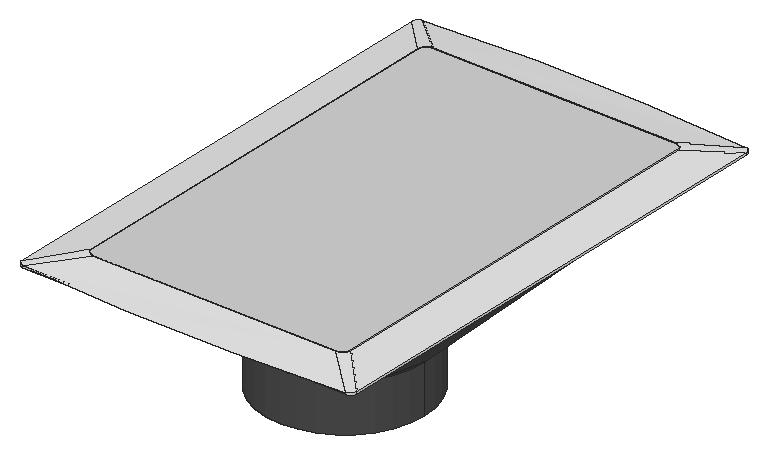
Revit family "iW 6DS", category Communication Devices, Revit 2020
Family settings
  Maintain Annotation Orientation = No
  Round Connector Dimension = Use Diameter
  Part Type = Normal
  Work Plane-Based = Yes
  Always vertical = No
  Cut with Voids When Loaded = No
  Shared = No
  Room Calculation Point = No
Parameters
  Weight (kg) [instance] = 2.2  # constant formula
  Sensitivity [instance] = 89  # constant formula
  SPL Max (Peak) [instance] = 113  # constant formula
  Power Handling (Average) [instance] = 70  # constant formula
  Model = "iW6DS"
  Manufacturer = "Tannoy"
  Impedance [instance] = 8  # constant formula
  Default Elevation = 2000 mm
Reference planes
  plane 1 "Center (Front/Back)": y = 0
  plane 2: z = 0
  plane 3 "Center (Left/Right)": x = 0
Forms (mm)
  Extrusion 1, solid, not visible
    sketch origin (0, 0, 0) x (1, 0, 0) y (0, 1, 0)
      loop
        line (-500, 500) -> (-500, -500) -> (500, -500) -> (500, 500) -> (-500, 500)
    from 0 to -12
Dimensions and locks
  aligned and locked: level to plane 2
Nested families
  nested 1: "iW 6DS - base1" at (0, 0, 0) x (1, 0, 0) z (0, 1, 0), type "iW 6DS - base1"
    with Weight (kg) 2.2, Sensitivity 89, SPL Max (Peak) 113, Power Handling (Average) 140, Impedance 8
Connectors
  electrical at (-0.001, -31, -85)
    settings: on nested 1, index 1, voltage 0 V, apparent load 0 VA, apparent load phase1 0 VA, apparent load phase2 0 VA, apparent load phase3 0 VA, power factor 1, load classification "Other", number of poles 1, system type 14, power factor state 1, is connector primary yes, connector utility no, sub classification motor no, connector description "Speaker In - 2pin"
Definition of nested family "iW 6DS - base1"
  Parameters (values of type "iW 6DS - base1")
    Weight (kg) [instance] = 2.2  # constant formula
    Sensitivity [instance] = 89  # constant formula
    SPL Max (Peak) [instance] = 113  # constant formula
    Power Handling (Average) [instance] = 140  # constant formula
    Model = "iW 6DS"
    Manufacturer = "Tannoy"
    Impedance [instance] = 8  # constant formula
    Default Elevation = 1219.2 mm
  Reference planes
    plane 1 "Center (Front/Back)": y = 0
    plane 2: z = 0
    plane 3 "Center (Left/Right)": x = 0
  Forms (mm)
    Extrusion 1, solid, detail levels medium+fine
      sketch origin (0, 0, 0) x (1, 0, 0) y (0, 0, 1)
        loop
          arc (-104.502, -152.292) -> (-103.521, -154.917) -> (-101.058, -156.255) r 4.003
          arc (-101.058, -156.255) -> (-0.074, -160.001) -> (100.91, -156.273) r 1366.377
          arc (100.91, -156.273) -> (103.471, -154.973) -> (104.502, -152.292) r 4.003
          line (104.502, -152.292) -> (104.502, 152.292)
          arc (104.502, 152.292) -> (103.471, 154.973) -> (100.91, 156.273) r 4.003
          arc (100.91, 156.273) -> (-0.074, 160.001) -> (-101.058, 156.255) r 1366.377
          arc (-101.058, 156.255) -> (-103.521, 154.917) -> (-104.502, 152.292) r 4.003
          line (-104.502, 152.292) -> (-104.502, -152.292)
      from 0 to 1
    Blend 2, solid, detail levels medium+fine
      base sketch origin (0, 0, 0) x (1, 0, 0) y (0, 0, 1)
        loop
          arc (-104.502, -152.292) -> (-103.521, -154.917) -> (-101.058, -156.255) r 4.003
          arc (-101.058, -156.255) -> (-0.074, -160.001) -> (100.91, -156.273) r 1366.377
          arc (100.91, -156.273) -> (103.471, -154.973) -> (104.502, -152.292) r 4.003
          line (104.502, -152.292) -> (104.502, 152.292)
          arc (104.502, 152.292) -> (103.471, 154.973) -> (100.91, 156.273) r 4.003
          arc (100.91, 156.273) -> (-0.074, 160.001) -> (-101.058, 156.255) r 1366.377
          arc (-101.058, 156.255) -> (-103.521, 154.917) -> (-104.502, 152.292) r 4.003
          line (-104.502, 152.292) -> (-104.502, -152.292)
      top sketch origin (0, 0, 0) x (1, 0, 0) y (0, 0, 1)
        loop
          arc (-76.003, 132.502) -> (-79.537, 131.038) -> (-81.001, 127.504) r 4.998
          line (-81.001, 127.504) -> (-81.001, -127.503)
          arc (-81.001, -127.503) -> (-79.537, -131.038) -> (-76.002, -132.502) r 4.999
          line (-76.002, -132.502) -> (76.002, -132.502)
          arc (76.002, -132.502) -> (79.536, -131.038) -> (81, -127.504) r 4.998
          line (81, -127.504) -> (81, 127.503)
          arc (81, 127.503) -> (79.536, 131.038) -> (76.001, 132.502) r 4.999
          line (76.001, 132.502) -> (-76.003, 132.502)
      from 1 to 5
    Extrusion 3, void
      sketch origin (0, 0, 0) x (1, 0, 0) y (0, 0, 1)
        loop
          arc (-76.003, 132.502) -> (-79.537, 131.038) -> (-81.001, 127.504) r 4.998
          line (-81.001, 127.504) -> (-81.001, -127.503)
          arc (-81.001, -127.503) -> (-79.537, -131.038) -> (-76.002, -132.502) r 4.999
          line (-76.002, -132.502) -> (76.002, -132.502)
          arc (76.002, -132.502) -> (79.536, -131.038) -> (81, -127.504) r 4.998
          line (81, -127.504) -> (81, 127.503)
          arc (81, 127.503) -> (79.536, 131.038) -> (76.001, 132.502) r 4.999
          line (76.001, 132.502) -> (-76.003, 132.502)
      from 1 to 5
    Extrusion 4, solid, detail levels medium+fine
      sketch origin (0, 0, 0) x (1, 0, 0) y (0, 0, 1)
        loop
          arc (-76.003, 132.502) -> (-79.537, 131.038) -> (-81.001, 127.504) r 4.998
          line (-81.001, 127.504) -> (-81.001, -127.503)
          arc (-81.001, -127.503) -> (-79.537, -131.038) -> (-76.002, -132.502) r 4.999
          line (-76.002, -132.502) -> (76.002, -132.502)
          arc (76.002, -132.502) -> (79.536, -131.038) -> (81, -127.504) r 4.998
          line (81, -127.504) -> (81, 127.503)
          arc (81, 127.503) -> (79.536, 131.038) -> (76.001, 132.502) r 4.999
          line (76.001, 132.502) -> (-76.003, 132.502)
      from 4 to 5
    Extrusion 5, solid, detail levels medium+fine
      sketch origin (0, 0, 0) x (1, 0, 0) y (0, 0, 1)
        loop
          line (-76.002, -135.5) -> (76, -135.5)
          arc (76, -135.5) -> (81.657, -133.157) -> (84, -127.5) r 8
          line (84, -127.5) -> (84, 127.5)
          arc (84, 127.5) -> (81.657, 133.157) -> (76, 135.5) r 8
          line (76, 135.5) -> (-76, 135.5)
          arc (-76, 135.5) -> (-81.657, 133.157) -> (-84, 127.5) r 8
          line (-84, 127.5) -> (-84, -127.503)
          arc (-84, -127.503) -> (-81.657, -133.158) -> (-76.002, -135.5) r 7.997
      from 0 to -15
    Extrusion 6, solid, detail levels medium+fine
      sketch origin (0, 0, 0) x (1, 0, 0) y (0, 0, 1)
        loop
          circle (-0.001, -31) r 50
      from -55 to -85
    Blend 7, solid, detail levels medium+fine
      base sketch origin (0, 0, 0) x (1, 0, 0) y (0, 0, 1)
        loop
          line (-76.002, -135.5) -> (76, -135.5)
          arc (76, -135.5) -> (81.657, -133.157) -> (84, -127.5) r 8
          line (84, -127.5) -> (84, 127.5)
          arc (84, 127.5) -> (81.657, 133.157) -> (76, 135.5) r 8
          line (76, 135.5) -> (-76, 135.5)
          arc (-76, 135.5) -> (-81.657, 133.157) -> (-84, 127.5) r 8
          line (-84, 127.5) -> (-84, -127.503)
          arc (-84, -127.503) -> (-81.657, -133.158) -> (-76.002, -135.5) r 7.997
      top sketch origin (0, 0, 0) x (1, 0, 0) y (0, 0, 1)
        loop
          circle (-0.001, -31) r 50
      from -15 to -55
  Cuts and joins
    Extrusion 3 cuts Extrusion 1
    Extrusion 3 cuts Blend 2
    joined: Extrusion 1, Blend 2, Extrusion 5
    joined: Extrusion 6, Blend 7
  Lines and regions (mm)
    Split face 1
      outline origin (-76.002, -1, 132.502) x (0, 0, -1) y (1, 0, 0)
        loop
          circle (40.5, 76.002) r 20.626
    Split face 2
      outline origin (-76.002, -1, 132.502) x (0, 0, -1) y (1, 0, 0)
        loop
          circle (40.5, 76.002) r 11.65
    Split face 3
      outline origin (-76.002, -1, 132.502) x (0, 0, -1) y (1, 0, 0)
        loop
          circle (63.499, 124.004) r 11.199
    Split face 4
      outline origin (-76.002, -1, 132.502) x (0, 0, -1) y (1, 0, 0)
        loop
          line (57.485, 122.987) -> (69.516, 122.987) -> (69.516, 125.017) -> (57.485, 125.017) -> (57.485, 122.987)
    Split face 5
      outline origin (-76.002, -1, 132.502) x (0, 0, -1) y (1, 0, 0)
        loop
          arc (119.285, -0.084) -> (163.502, -3.001) -> (207.72, -0.084) r 336.609
          arc (207.72, -0.084) -> (251.503, 76.001) -> (207.72, 152.087) r 88.001
          arc (207.72, 152.087) -> (163.502, 155.003) -> (119.285, 152.087) r 336.609
          arc (119.285, 152.087) -> (75.501, 76.001) -> (119.285, -0.084) r 88.001
    Split face 6
      outline origin (-76.002, -1, 132.502) x (0, 0, -1) y (1, 0, 0)
        loop
          circle (163.502, 76.001) r 77.402
    Split face 7
      outline origin (-76.002, -1, 132.502) x (0, 0, -1) y (1, 0, 0)
        loop
          circle (163.502, 76.001) r 25.002
    model lines, detail levels coarse
      curve 1: circle (-0.074, -100, 0) r 100 normal (0, 0, 1)
  Dimensions and locks
    aligned and locked: level to plane 2
  Connectors
    electrical at (-0.037, 0, 0)
      settings: on cut or joined group of Extrusion 1, Blend 2, Extrusion 3, Extrusion 5, index 1, voltage 0 V, apparent load 0 VA, apparent load phase1 0 VA, apparent load phase2 0 VA, apparent load phase3 0 VA, power factor 1, load classification none, number of poles 1, system type 14, power factor state 1, is connector primary yes, connector utility no, sub classification motor no, connector description "Speaker In - 2pin"
